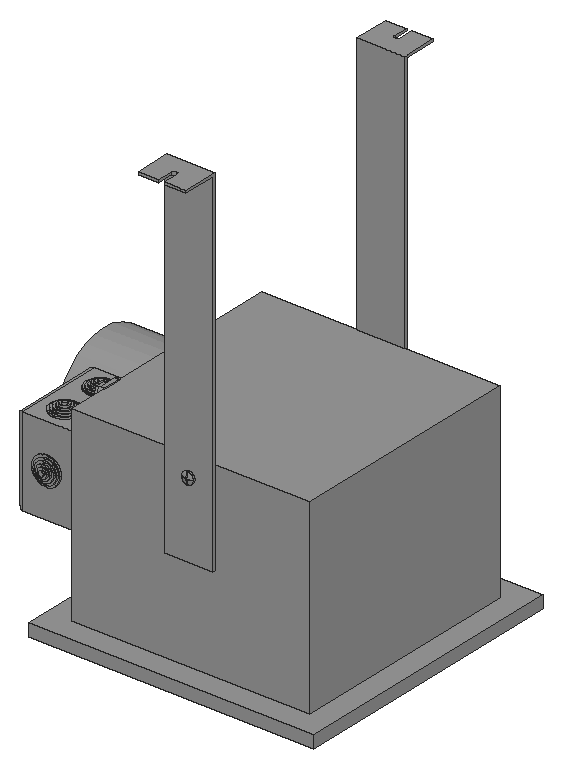
Revit family "ВП_Eng", category Mechanical Equipment, Revit 2021
Family settings
  Round Connector Dimension = Use Diameter
  Classification = None
  Part Type = Normal
  Work Plane-Based = No
  Always vertical = Yes
  Cut with Voids When Loaded = No
  Shared = No
  Room Calculation Point = No
Parameters (values of type "VP 100 K Q")
  Width = B  # 240 mm
  Weight = 3.40 kg
  Voltage = if(Number of Fase = 3, 400 V, 230 V)  # 230 V
  Temperature of moving air = "-25...+45 °С"
  Sound pressure level at 3 m distance = "42 dBA"
  Pressure_Static_Air [instance] = 0.0 Pa
  Power = 56 W
  Number of Fase = 1
  Maximum Air Flow = 190.0 m³/h
  Load Classification = "HVAC"
  Length = L  # 305 mm
  Height = H1  # 189 mm
  Frequency = 50 Hz
  Diameter = D  # 100 mm
  Default Elevation = 0 mm
  Description = ""
  Manufacturer = "Vents"  # constant formula
  h = H / 2  # 80 mm
  b = D / 2 + 10 mm  # 60 mm
  URL = "https://ventilation-system.com/series/vp"
  Maintenance zone material = none
  Lk1 = if(D > 145 mm, H / 2 - 30 mm, 0 mm)  # 0 mm
  Lk = if(D > 145 mm, H / 2, 300 mm)  # 300 mm
  L = 305 mm
  H1 = 189 mm
  H = 160 mm
  Dy = D - 5 mm  # 95 mm
  Casing Material = Steel, galvanized
  D = 100 mm
  B1 = B - 40 mm  # 200 mm
  B = 240 mm
  Apparent Load = Voltage * Amperage  # 78.2 VA
  Amperage = 0.34 A
  Air Flow [instance] = 0.0 m³/h
  09_System_Name [instance] = ""
  00_20_Type = "VP 100 K Q"
  00_20_Name = "Centrifugal ceiling fan"  # constant formula
  00_20_Manufacturer = "Vents"  # constant formula
Types (6, lengths in mm): name | Width | Weight | Temperature of moving air | Sound pressure level at 3 m distance | Power | Maximum Air Flow | Length | Height | Diameter | h | b | Lk1 | Lk | L | H1 | H | Dy | D | B1 | B | Apparent Load | Amperage | 00_20_Type
  (no name) | 240 | 3.40 kg | "-25...+45 °С" | "42 dBA" | 56 W | 190.0 m³/h | 305 | 189 | 100 | 80 | 60 | 0 | 300 | 305 | 189 | 160 | 95 | 100 | 200 | 240 | 78.2 VA | 0.34 A | "VP 100 K Q"
  VP 100 K Q | 240 | 3.40 kg | "-25...+45 °С" | "42 dBA" | 56 W | 190.0 m³/h | 305 | 189 | 100 | 80 | 60 | 0 | 300 | 305 | 189 | 160 | 95 | 100 | 200 | 240 | 78.2 VA | 0.34 A | "VP 100 K Q"
  VP 150 K | 355 | 6.50 kg | "-25...+50 °С" | "52 dBA" | 112 W | 485.0 m³/h | 419 | 215 | 150 | 90 | 85 | 60 | 90 | 419 | 215 | 180 | 145 | 150 | 315 | 355 | 115 VA | 0.5 A | "VP 150 K"
  VP 100 K | 240 | 3.40 kg | "-25...+50 °С" | "47 dBA" | 61 W | 240.0 m³/h | 305 | 189 | 100 | 80 | 60 | 0 | 300 | 305 | 189 | 160 | 95 | 100 | 200 | 240 | 59.8 VA | 0.26 A | "VP 100 K"
  VP 125 K Q | 240 | 3.40 kg | "-25...+45 °С" | "43 dBA" | 56 W | 225.0 m³/h | 305 | 189 | 125 | 80 | 72.5 | 0 | 300 | 305 | 189 | 160 | 120 | 125 | 200 | 240 | 78.2 VA | 0.34 A | "VP 125 K Q"
  VP 125 K | 240 | 3.40 kg | "-25...+50 °С" | "48 dBA" | 61 W | 310.0 m³/h | 305 | 189 | 125 | 80 | 72.5 | 0 | 300 | 305 | 189 | 160 | 120 | 125 | 200 | 240 | 59.8 VA | 0.26 A | "VP 125 K"
Reference planes
  plane 1 "По центру (Вперед/Назад)": y = 0
  plane 2: z = 0
  plane 3 "По центру (Влево/Вправо)": x = 0
  plane 4: z = 160
  plane 5 "Электрика": x = -100
  plane 6: y = 100
  plane 7: x = 100
  plane 8 "Болт": y = -100
  plane 9: y = 40
  plane 10: z = 80
  plane 11: x = 120
Forms (mm)
  Extrusion 1, solid, material "Steel, galvanized" <- "Casing Material"
    sketch origin (0, 0, 0) x (1, 0, 0) y (0, 1, 0)
      loop
        line (-100, 100) -> (-100, -100) -> (100, -100) -> (100, 100) -> (-100, 100)
    from 0 to 160
  Extrusion 2, solid, material "Пластмасса, непрозрачная, белая"
    sketch origin (0, 0, 0) x (1, 0, 0) y (0, 1, 0)
      loop
        line (-120, 120) -> (-120, -120) -> (120, -120) -> (120, 120) -> (-120, 120)
    from -10 to 0
  Blend 3, solid, material "Пластмасса, непрозрачная, белая"
    base sketch origin (0, 0, 0) x (1, 0, 0) y (0, 1, 0)
      loop
        circle (0, 0) r 10
    top sketch origin (0, 0, 0) x (1, 0, 0) y (0, 1, 0)
      loop
        line (-100, 100) -> (-100, -100) -> (100, -100) -> (100, 100) -> (-100, 100)
    from -29 to -12
  Extrusion 4, solid, material "Steel, galvanized"
    sketch origin (0, 0, 0) x (0, 1, 0) y (0, 0, 1)
      loop
        circle (40, 80) r 50
      loop
        circle (40, 80) r 47.5
    from -185 to -100
  Extrusion 5, solid, material "Steel, galvanized" <- "Casing Material"
    sketch origin (0, 0, 0) x (0, 1, 0) y (0, 0, 1)
      loop
        line (-100, 80) -> (-100, 380) -> (-130, 380) -> (-130, 378) -> (-102, 378) -> (-102, 80) -> (-100, 80)
      loop
        line (100, 80) -> (102, 80) -> (102, 378) -> (130, 378) -> (130, 380) -> (100, 380) -> (100, 80)
    from -20 to 20
  Extrusion 6, void
    sketch origin (0, 0, 0) x (1, 0, 0) y (0, 1, 0)
      loop
        line (-2.459, 130) -> (-2.459, 117.5)
        arc (-2.459, 117.5) -> (0.041, 115) -> (2.541, 117.5) r 2.5
        line (2.541, 117.5) -> (2.541, 130) -> (-2.459, 130)
      loop
        line (-2.459, -130) -> (2.541, -130) -> (2.541, -117.5)
        arc (2.541, -117.5) -> (0.041, -115) -> (-2.459, -117.5) r 2.5
        line (-2.459, -117.5) -> (-2.459, -130)
    from 378 to 380
Cuts and joins
  Extrusion 6 cuts Extrusion 2
  Extrusion 6 cuts Extrusion 5
Dimensions and locks
  equal spacing: plane 5 "Электрика", plane 3 "По центру (Влево/Вправо)", plane 7
  "B1": plane 5 "Электрика" to plane 7
  equal spacing: plane 6, plane 1 "По центру (Вперед/Назад)", plane 8 "Болт"
  "B1": plane 6 to plane 8 "Болт"
  "H": plane 4 to level
  equal spacing: Extrusion 2 sketch curve, plane 3 "По центру (Влево/Вправо)", Extrusion 2 sketch curve
  "B": Extrusion 2 sketch curve to Extrusion 2 sketch curve  (x2)
  equal spacing: Extrusion 2 sketch curve, plane 1 "По центру (Вперед/Назад)", Extrusion 2 sketch curve
  locked: level to Extrusion 2 at 10
  level to Blend 3 = 12 mm
  "H1": plane 4 to Blend 3
  "h": plane 4 to plane 10
  "b": plane 6 to plane 9
  "L": Extrusion 4 to plane 11
  locked: plane 7 to plane 11 at 20
  locked: nested 1 to plane 8 "Болт" at 5
  locked: Extrusion 5 sketch curve to Extrusion 5 sketch curve at 2  (x4)
  locked: plane 8 "Болт" to Extrusion 5 sketch curve at 30
  "Lk": Extrusion 5 sketch curve to plane 10  (x2)
  locked: Extrusion 5 sketch curve to plane 6 at 30
  "Lk1": Extrusion 5 sketch curve to plane 10  (x2)
  locked: plane 6 to Extrusion 6 sketch curve at 30
  locked: Extrusion 5 to Extrusion 6 sketch curve at 15  (x2)
  locked: plane 8 "Болт" to Extrusion 6 sketch curve at 30
  "Lk": Extrusion 6 to plane 10
  locked: cut or joined group of Extrusion 5, Extrusion 6 to Extrusion 6 at 2
  locked: nested 2 to plane 6 at 2
  locked: plane 8 "Болт" to nested 3 at 2
  locked: plane 4 to nested 2 at 15.858
  locked: plane 4 to nested 3 at 15.858
  "D": diameter of Extrusion 4 sketch curve
  "Dy": diameter of Extrusion 4 sketch curve
  aligned and locked: level to plane 2
  aligned and locked: Extrusion 1 sketch curve to plane 6
  aligned and locked: Extrusion 1 sketch curve to plane 5 "Электрика"
  aligned and locked: plane 8 "Болт" to Extrusion 1 sketch curve
  aligned and locked: plane 7 to Extrusion 1 sketch curve
  aligned and locked: Extrusion 1 to level
  aligned and locked: plane 4 to Extrusion 1
  aligned and locked: Extrusion 2 to level
  aligned and locked: Blend 3 sketch curve to plane 6
  aligned and locked: Blend 3 sketch curve to plane 5 "Электрика"
  aligned and locked: plane 8 "Болт" to Blend 3 sketch curve
  aligned and locked: plane 7 to Blend 3 sketch curve
  aligned and locked: Extrusion 4 to plane 5 "Электрика"
  aligned and locked: nested 1 to plane 5 "Электрика"
  aligned and locked: plane 6 to Extrusion 5 sketch curve
  aligned and locked: plane 3 "По центру (Влево/Вправо)" to nested 2
  aligned and locked: nested 3 to plane 3 "По центру (Влево/Вправо)"
Automatic sketch dimensions
  plane 1 "По центру (Вперед/Назад)" to Blend 3 sketch curve = 0 mm
  Blend 3 sketch curve to plane 3 "По центру (Влево/Вправо)" = 0 mm
  Extrusion 6 sketch curve to plane 3 "По центру (Влево/Вправо)" = 2.459 mm  (x2)
  plane 3 "По центру (Влево/Вправо)" to Extrusion 6 sketch curve = 0.041 mm  (x2)
  Extrusion 4 sketch curve to Extrusion 4 sketch curve = 0 mm  (x2)
  Extrusion 4 sketch curve to plane 9 = 0 mm
  Extrusion 4 sketch curve to plane 10 = 0 mm
  Extrusion 5 sketch curve to plane 8 "Болт" = 0 mm
  radius of Blend 3 sketch curve = 10 mm
Nested families
  nested 1: "Electrical box" at (-100, -57.5, 102.5) x (0, -1, 0) z (-1, 0, 0), type "75х75"
  nested 2: "Screw" at (0, 102, 144.142) x (0, 0, -1) z (0, 1, 0), type "Screw"
  nested 3: "Screw" at (0, -102, 144.142) x (0, 0, -1) z (0, -1, 0), type "Screw"
Connectors
  electrical at (-125, -76.25, 63), driven by "Voltage", driven by "Apparent Load"
    settings: on nested 1, index 1, voltage 230 V, apparent load 78.2 VA, apparent load phase1 0 VA, apparent load phase2 0 VA, apparent load phase3 0 VA, power factor 1, load classification "Двигатель", number of poles 1, system type 30, power factor state 1, is connector primary yes, connector utility no, sub classification motor no, connector description ""
  hvac at (-185, 40, 80), driven by "D"
    settings: on Extrusion 4, index 2, duct flow 0.0 m³/h, flow factor 0, pres drop 0.0 Pa, loss coef 0, conn angle 0.00°, conn width 304.8 mm, conn height 304.8 mm, conn diameter 100 mm, duct sys type 3, conn prof type 0, flow config 0, flow direction 0, loss method 0, conn ref index -1, conn util no, is conn primary yes, conn desc ""
Definition of nested family "Electrical box"
  Parameters (values of type "100х100")
    Ш1 = Ш / 2 - 15 mm  # 35 mm
    Ш = 100 mm
    Default Elevation = 1219.2 mm
    Л = Д / 4  # 25 mm
    Д1 = Д / 2 - 15 mm  # 35 mm
    Д = 100 mm
    h = H / 2  # 25 mm
    H = 50 mm
  Types (4, lengths in mm): name | Ш1 | Ш | Л | Д1 | Д
    100х100 | 35 | 100 | 25 | 35 | 100
    75х75 | 22.5 | 75 | 18.75 | 22.5 | 75
    Клемная коробка | 35 | 100 | 25 | 35 | 100
    200Х200 | 85 | 200 | 50 | 85 | 200
  Reference planes
    plane 1 "По центру (Вперед/Назад)": y = 0
    plane 2: z = 0
    plane 3 "По центру (Влево/Вправо)": x = 0
  Forms (mm)
    Extrusion 1, solid
      sketch origin (0, 0, 0) x (1, 0, 0) y (0, 1, 0)
        loop
          line (-50, 50) -> (-50, -50) -> (50, -50) -> (50, 50) -> (-50, 50)
      from 0 to 50 <- "H"
    Sweep 2, void
      path in 3D
        loop
          line (-50, 50, 50) -> (-50, -50, 50) -> (50, -50, 50) -> (50, 50, 50) -> (-50, 50, 50)
      profile origin (0, 50, 50) x (0, -1, 0) y (0, 0, 1)
        loop
          line (5, 0) -> (0, 0) -> (0, -5)
          arc (0, -5) -> (1.464, -1.464) -> (5, 0) r 5
    Extrusion 3, solid
      sketch origin (0, 0, 0) x (1, 0, 0) y (0, 1, 0)
        loop
          line (10, 50) -> (10, 67.359)
          arc (10, 67.359) -> (9.227, 69.227) -> (7.359, 70) r 2.641
          line (7.359, 70) -> (-7.359, 70)
          arc (-7.359, 70) -> (-9.227, 69.227) -> (-10, 67.359) r 2.641
          line (-10, 67.359) -> (-10, 50) -> (10, 50)
        loop
          circle (0, 60.711) r 4
        loop
          line (10, -50) -> (-10, -50) -> (-10, -67.359)
          arc (-10, -67.359) -> (-9.227, -69.227) -> (-7.359, -70) r 2.641
          line (-7.359, -70) -> (7.359, -70)
          arc (7.359, -70) -> (9.227, -69.227) -> (10, -67.359) r 2.641
          line (10, -67.359) -> (10, -50)
        loop
          circle (0, -60.711) r 4
      from 0 to 4
    Extrusion 4, void
      sketch origin (0, 0, 0) x (0, 1, 0) y (0, 0, 1)
        loop
          circle (0, 25) r 10
      from -50 to -45
    Extrusion 5, void
      sketch origin (0, 0, 0) x (0, 1, 0) y (0, 0, 1)
        loop
          circle (0, 25) r 10
      from 45 to 50
    Extrusion 6, void
      sketch origin (0, 0, 0) x (1, 0, 0) y (0, 0, 1)
        loop
          circle (25, 25) r 10
        loop
          circle (-25, 25) r 10
      from 45 to 50
    Extrusion 7, void
      sketch origin (0, 0, 0) x (1, 0, 0) y (0, 0, 1)
        loop
          circle (25, 25) r 10
        loop
          circle (-25, 25) r 10
      from -50 to -45
    Extrusion 8, solid
      sketch origin (0, 0, 0) x (1, 0, 0) y (0, 1, 0)
        loop
          line (3.491, 54.664) -> (6.982, 60.711) -> (3.491, 66.759) -> (-3.491, 66.759) -> (-6.982, 60.711) -> (-3.491, 54.664) -> (3.491, 54.664)
        loop
          line (3.491, -54.664) -> (-3.491, -54.664) -> (-6.982, -60.711) -> (-3.491, -66.759) -> (3.491, -66.759) -> (6.982, -60.711) -> (3.491, -54.664)
      from 4 to 10
  Cuts and joins
    Sweep 2, Extrusion 4, Extrusion 5, Extrusion 6, Extrusion 7 cuts Extrusion 1
  Lines and regions (mm)
    sketch lines
      curve 1: line (50, 50, 50) -> (-50, 50, 50)
      curve 2: line (50, -50, 50) -> (50, 50, 50)
      curve 3: line (-50, -50, 50) -> (50, -50, 50)
      curve 4: line (-50, 50, 50) -> (-50, -50, 50)
  Dimensions and locks
    "Д": Extrusion 1 sketch curve to Extrusion 1 sketch curve
    "Ш": Extrusion 1 sketch curve to Extrusion 1 sketch curve
    equal spacing: Extrusion 1 sketch curve, plane 3 "По центру (Влево/Вправо)", Extrusion 1 sketch curve
    equal spacing: Extrusion 1 sketch curve, plane 1 "По центру (Вперед/Назад)", Extrusion 1 sketch curve
    "Д1": nested 2 to plane 3 "По центру (Влево/Вправо)"
    "Д1": plane 3 "По центру (Влево/Вправо)" to nested 1
    "Д1": nested 4 to plane 3 "По центру (Влево/Вправо)"
    "Д1": plane 3 "По центру (Влево/Вправо)" to nested 3
    "Ш1": nested 3 to plane 1 "По центру (Вперед/Назад)"
    "Ш1": plane 1 "По центру (Вперед/Назад)" to nested 1
    "Ш1": nested 4 to plane 1 "По центру (Вперед/Назад)"
    "Ш1": plane 1 "По центру (Вперед/Назад)" to nested 2
    Extrusion 3 sketch curve to Extrusion 3 sketch curve = 20 mm  (x3)
    equal spacing: Extrusion 3 sketch curve, plane 1 "По центру (Вперед/Назад)", Extrusion 3 sketch curve
    "Ш": Extrusion 3 sketch curve to Extrusion 3 sketch curve
    "h": Extrusion 4 sketch curve to level
    "h": Extrusion 5 sketch curve to level
    "h": level to Extrusion 6 sketch curve  (x2)
    "Л": plane 3 "По центру (Влево/Вправо)" to Extrusion 6 sketch curve
    "Л": Extrusion 6 sketch curve to plane 3 "По центру (Влево/Вправо)"
    "h": level to Extrusion 7 sketch curve  (x2)
    "Л": Extrusion 7 sketch curve to plane 3 "По центру (Влево/Вправо)"
    "Л": plane 3 "По центру (Влево/Вправо)" to Extrusion 7 sketch curve
    locked: Extrusion 3 to Extrusion 8 at 6
    "h": level to nested 5
    "h": level to nested 6
    "Л": nested 8 to plane 3 "По центру (Влево/Вправо)"
    "Л": nested 7 to plane 3 "По центру (Влево/Вправо)"
    locked: Extrusion 3 to Extrusion 8 sketch curve at 4.664  (x2)
    "Л": plane 3 "По центру (Влево/Вправо)" to nested 9
    "Л": plane 3 "По центру (Влево/Вправо)" to nested 10
    radius of Extrusion 7 sketch curve = 10 mm
    aligned and locked: level to plane 2
    aligned and locked: Extrusion 1 to Extrusion 4
    aligned and locked: Sweep 2 to Extrusion 4
    aligned and locked: Extrusion 1 to Extrusion 5
    aligned and locked: Sweep 2 to Extrusion 5
    aligned and locked: Extrusion 1 to Extrusion 6
    aligned and locked: Sweep 2 to Extrusion 6
    aligned and locked: Extrusion 1 to Extrusion 7
    aligned and locked: Extrusion 7 to Sweep 2
    aligned and locked: Extrusion 8 to Extrusion 3
    aligned and locked: plane 1 "По центру (Вперед/Назад)" to nested 5
    aligned and locked: nested 5 to cut or joined group of Extrusion 1, Sweep 2, Extrusion 4, Extrusion 5, Extrusion 6, Extrusion 7
    aligned and locked: nested 6 to plane 1 "По центру (Вперед/Назад)"
    aligned and locked: cut or joined group of Extrusion 1, Sweep 2, Extrusion 4, Extrusion 5, Extrusion 6, Extrusion 7 to nested 6
    aligned and locked: cut or joined group of Extrusion 1, Sweep 2, Extrusion 4, Extrusion 5, Extrusion 6, Extrusion 7 to nested 7
    aligned and locked: nested 8 to cut or joined group of Extrusion 1, Sweep 2, Extrusion 4, Extrusion 5, Extrusion 6, Extrusion 7
    aligned and locked: cut or joined group of Extrusion 1, Sweep 2, Extrusion 4, Extrusion 5, Extrusion 6, Extrusion 7 to nested 10
    aligned and locked: Extrusion 3 to nested 9
    aligned and locked: plane 3 "По центру (Влево/Вправо)" to nested 11
  Automatic sketch dimensions
    Sweep 2 sketch curve to profile plane = 0 mm  (x2)
    Sweep 2 sketch curve to profile plane = 5 mm
    Extrusion 8 sketch curve to plane 3 "По центру (Влево/Вправо)" = 6.982 mm  (x2)
    Extrusion 8 sketch curve to plane 3 "По центру (Влево/Вправо)" = 3.491 mm  (x4)
    plane 3 "По центру (Влево/Вправо)" to Extrusion 8 sketch curve = 3.491 mm  (x4)
    Extrusion 8 sketch curve to Extrusion 8 sketch curve = 3.491 mm  (x2)
    Extrusion 8 sketch curve to Extrusion 8 sketch curve = 6.047 mm  (x6)
    Extrusion 3 sketch curve to plane 3 "По центру (Влево/Вправо)" = 0 mm  (x2)
    Extrusion 3 sketch curve to plane 3 "По центру (Влево/Вправо)" = 7.359 mm  (x2)
    Extrusion 3 sketch curve to plane 3 "По центру (Влево/Вправо)" = 10 mm  (x2)
    plane 3 "По центру (Влево/Вправо)" to Extrusion 3 sketch curve = 7.359 mm
    Extrusion 3 sketch curve to Extrusion 3 sketch curve = 2.641 mm  (x2)
    Extrusion 3 sketch curve to Extrusion 3 sketch curve = 6.648 mm  (x2)
    Extrusion 4 sketch curve to plane 1 "По центру (Вперед/Назад)" = 0 mm
    Extrusion 5 sketch curve to plane 1 "По центру (Вперед/Назад)" = 0 mm
    radius of Extrusion 3 sketch curve = 4 mm  (x2)
    radius of Extrusion 4 sketch curve = 10 mm
    radius of Extrusion 5 sketch curve = 10 mm
    radius of Extrusion 6 sketch curve = 10 mm  (x2)
    radius of Extrusion 7 sketch curve = 10 mm
  Nested families
    nested 1: "Винт" at (35, 35, 50), built-in parameter 1001364 <- "H", type "Винт"
    nested 2: "Винт" at (-35, 35, 50), built-in parameter 1001364 <- "H", type "Винт"
    nested 3: "Винт" at (35, -35, 50), built-in parameter 1001364 <- "H", type "Винт"
    nested 4: "Винт" at (-35, -35, 50), built-in parameter 1001364 <- "H", type "Винт"
    nested 5: "Заглушка" at (46, 0, 25) x (0, 0, -1) z (1, 0, 0), built-in parameter 1001360 <- "h", type "Заглушка"
    nested 6: "Заглушка" at (-46, 0, 25) x (0, 0, -1) z (-1, 0, 0), built-in parameter 1001360 <- "h", type "Заглушка"
    nested 7: "Заглушка" at (-25, 46, 25) x (0, 0, -1) z (0, 1, 0), built-in parameter 1001360 <- "h", type "Заглушка"
    nested 8: "Заглушка" at (-25, -46, 25) x (0, 0, -1) z (0, -1, 0), built-in parameter 1001360 <- "h", type "Заглушка"
    nested 9: "Заглушка" at (25, 46, 25) x (0, 0, -1) z (0, 1, 0), built-in parameter 1001360 <- "h", type "Заглушка"
    nested 10: "Заглушка" at (25, -46, 25) x (0, 0, -1) z (0, -1, 0), built-in parameter 1001360 <- "h", type "Заглушка"
    nested 11: "Электрика" at (0, 3.125, 50), built-in parameter 1001360 <- "H", type "Электрика"
  Definition of nested family "Винт"
    Parameters (values of type "Винт")
      Default Elevation = 0 mm
    Reference planes
      plane 1 "По центру (Вперед/Назад)": y = 0
      plane 2: z = 0
      plane 3 "По центру (Влево/Вправо)": x = 0
    Forms (mm)
      Revolve 1, solid
        sketch origin (0, 0, 0) x (1, 0, 0) y (0, 0, 1)
          loop
            line (0, -20) -> (2.5, -20) -> (2.5, 0) -> (5, 0) -> (5, 0.988)
            arc (5, 0.988) -> (2.589, 1.966) -> (0, 2.235) r 9.254
            line (0, 2.235) -> (0, -20)
          axis (0, 2.235) -> (0, -20)
        angle from 0 to 360
      Extrusion 2, void
        sketch origin (0, -0.137, 0) x (1, 0, 0) y (0, 1, 0)
          loop
            line (-0.439, -5.142) -> (0.455, -5.142) -> (0.455, -0.343) -> (5.265, -0.343) -> (5.265, 0.594) -> (0.455, 0.594) -> (0.455, 5.38) -> (-0.439, 5.38) -> (-0.439, 0.594) -> (-5.291, 0.594) -> (-5.291, -0.343) -> (-0.439, -0.343) -> (-0.439, -5.142)
        from 0.988 to 3.071
    Cuts and joins
      Extrusion 2 cuts Revolve 1
    Dimensions and locks
      aligned and locked: level to plane 2
      aligned and locked: Extrusion 2 to Revolve 1
  Definition of nested family "Заглушка"
    Parameters (values of type "Заглушка")
      Default Elevation = 0 mm
    Reference planes
      plane 1 "По центру (Вперед/Назад)": y = 0
      plane 2: z = 0
      plane 3 "По центру (Влево/Вправо)": x = 0
    Forms (mm)
      Extrusion 1, solid
        sketch origin (0, 0, 0) x (1, 0, 0) y (0, 1, 0)
          loop
            circle (0, 0) r 12
        from 4 to 5
      Extrusion 2, solid
        sketch origin (0, 0, 0) x (1, 0, 0) y (0, 1, 0)
          loop
            circle (0, 0) r 10
        from 5 to 6
      Extrusion 3, solid
        sketch origin (0, 0, 0) x (1, 0, 0) y (0, 1, 0)
          loop
            circle (0, 0) r 8
        from 6 to 7
      Extrusion 4, solid
        sketch origin (0, 0, 0) x (1, 0, 0) y (0, 1, 0)
          loop
            circle (0, 0) r 6
        from 7 to 8
      Extrusion 5, solid
        sketch origin (0, 0, 0) x (1, 0, 0) y (0, 1, 0)
          loop
            circle (0, 0) r 4
        from 8 to 9
      Extrusion 6, solid
        sketch origin (0, 0, 0) x (1, 0, 0) y (0, 1, 0)
          loop
            circle (0, 0) r 2
        from 9 to 10
    Dimensions and locks
      aligned and locked: level to plane 2
  Definition of nested family "Электрика"
    Parameters (values of type "Электрика")
      Default Elevation = 0 mm
    Reference planes
      plane 1 "По центру (Вперед/Назад)": y = 0
      plane 2: z = 0
      plane 3 "По центру (Влево/Вправо)": x = 0
    Forms (mm)
      Extrusion 1, solid
        sketch origin (0, -20.999, 0) x (1, 0, 0) y (0, 1, 0)
          loop
            line (0, 0.664) -> (18.543, 0.664)
            arc (18.543, 0.664) -> (21.349, 1.985) -> (22.119, 4.99) r 3.641
            line (22.119, 4.99) -> (2.806, 38.44)
            arc (2.806, 38.44) -> (0, 39.762) -> (-2.806, 38.44) r 3.641
            line (-2.806, 38.44) -> (-22.119, 4.99)
            arc (-22.119, 4.99) -> (-21.349, 1.985) -> (-18.543, 0.664) r 3.641
            line (-18.543, 0.664) -> (0, 0.664)
          loop
            arc (-20.055, 4.565) -> (-19.717, 3.245) -> (-18.484, 2.664) r 1.6
            line (-18.484, 2.664) -> (18.396, 2.664)
            arc (18.396, 2.664) -> (19.729, 3.379) -> (19.87, 4.885) r 1.6
            line (19.87, 4.885) -> (1.2, 37.223)
            arc (1.2, 37.223) -> (0.104, 37.807) -> (-1.079, 37.432) r 1.6
            line (-1.079, 37.432) -> (-20.055, 4.565)
        from 0 to 1
      Extrusion 2, solid
        sketch origin (0, -20.999, 0) x (1, 0, 0) y (0, 1, 0)
          loop
            line (1.519, 30.846) -> (-2.718, 30.846) -> (-7.387, 14.53) -> (2.226, 19.012) -> (-1.819, 8.947) -> (-2.667, 9.352) -> (-2.823, 5.949) -> (-0.273, 8.208) -> (-1.096, 8.601) -> (5.366, 22.132) -> (-4.385, 17.585) -> (1.519, 30.846)
        from 0 to 1
      Extrusion 3, solid
        sketch origin (0, -20.999, 0) x (1, 0, 0) y (0, 1, 0)
          loop
            line (-1.079, 37.432) -> (-20.055, 4.565)
            arc (-20.055, 4.565) -> (-19.717, 3.245) -> (-18.484, 2.664) r 1.6
            line (-18.484, 2.664) -> (18.396, 2.664)
            arc (18.396, 2.664) -> (19.781, 3.464) -> (19.781, 5.064) r 1.6
            line (19.781, 5.064) -> (1.296, 37.092)
            arc (1.296, 37.092) -> (0.185, 37.798) -> (-1.079, 37.432) r 1.6
        from 0 to 0.9
    Dimensions and locks
      aligned and locked: level to plane 2
Definition of nested family "Screw"
  Parameters (values of type "Винт")
    Default Elevation = 1219.2 mm
  Reference planes
    plane 1 "По центру (Вперед/Назад)": y = 0
    plane 2: z = 0
    plane 3 "По центру (Влево/Вправо)": x = 0
  Forms (mm)
    Revolve 1, solid
      sketch origin (0, 0, 0) x (1, 0, 0) y (0, 0, 1)
        loop
          line (0, -20) -> (2.5, -20) -> (2.5, 0) -> (5, 0) -> (5, 0.988)
          arc (5, 0.988) -> (2.589, 1.966) -> (0, 2.235) r 9.254
          line (0, 2.235) -> (0, -20)
        axis (0, 2.235) -> (0, -20)
      angle from 0 to 360
    Extrusion 2, void
      sketch origin (0, -0.137, 0) x (1, 0, 0) y (0, 1, 0)
        loop
          line (-0.447, -5.142) -> (0.447, -5.142) -> (0.447, -0.331) -> (5.265, -0.331) -> (5.265, 0.605) -> (0.447, 0.605) -> (0.447, 5.38) -> (-0.447, 5.38) -> (-0.447, 0.605) -> (-5.291, 0.605) -> (-5.291, -0.331) -> (-0.447, -0.331) -> (-0.447, -5.142)
      from 0.988 to 3.071
  Cuts and joins
    Extrusion 2 cuts Revolve 1
  Dimensions and locks
    equal spacing: cut or joined group of Revolve 1, Extrusion 2, plane 1 "По центру (Вперед/Назад)", cut or joined group of Revolve 1, Extrusion 2  (x2)
    equal spacing: cut or joined group of Revolve 1, Extrusion 2, plane 3 "По центру (Влево/Вправо)", cut or joined group of Revolve 1, Extrusion 2  (x2)
    aligned and locked: level to plane 2
    aligned and locked: Extrusion 2 to Revolve 1
  Automatic sketch dimensions
    Revolve 1 sketch curve to plane 3 "По центру (Влево/Вправо)" = 0 mm  (x2)
    Revolve 1 sketch curve to level = 0 mm
    plane 3 "По центру (Влево/Вправо)" to Revolve 1 sketch curve = 0.35 mm
    plane 3 "По центру (Влево/Вправо)" to Revolve 1 sketch curve = 2.5 mm
    Revolve 1 sketch curve to Revolve 1 sketch curve = 2.5 mm
    Revolve 1 sketch curve to level = 7.013 mm
    Revolve 1 sketch curve to Revolve 1 sketch curve = 12.987 mm
    level to Revolve 1 sketch curve = 0.988 mm
    Revolve 1 sketch curve to Revolve 1 sketch curve = 5.087 mm
    Revolve 1 sketch curve to Revolve 1 sketch curve = 1.631 mm
    Extrusion 2 sketch curve to plane 1 "По центру (Вперед/Назад)" = 0.468 mm  (x2)
    Extrusion 2 sketch curve to plane 3 "По центру (Влево/Вправо)" = 5.291 mm
    Extrusion 2 sketch curve to plane 3 "По центру (Влево/Вправо)" = 0.447 mm  (x2)
    plane 3 "По центру (Влево/Вправо)" to Extrusion 2 sketch curve = 0.447 mm  (x2)
    Extrusion 2 sketch curve to Extrusion 2 sketch curve = 4.818 mm
    plane 1 "По центру (Вперед/Назад)" to Extrusion 2 sketch curve = 0.468 mm  (x2)
    Extrusion 2 sketch curve to Extrusion 2 sketch curve = 4.811 mm
    Extrusion 2 sketch curve to Extrusion 2 sketch curve = 4.774 mm
